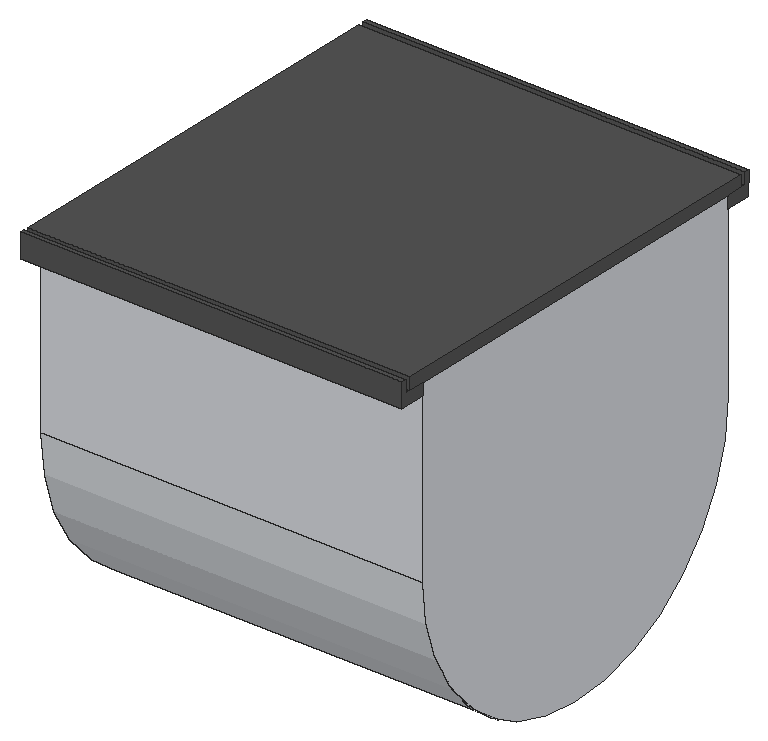
Revit family "Catch-Basin_MultiDrain_EconoDrain-Inline", category Site, host Face, Revit 2026
Family settings
  Host = Face
  Round Connector Dimension = Use Diameter
  Part Type = Normal
  Classification Number = 23.10.10.12
  Cut with Voids When Loaded = No
  Shared = No
Parameters (values of type "Series 24")
  trenchrad = Trench Width / 2  # 0' - 11 31/32"
  squarecontrol [instance] = 0' - 0"  # constant formula
  roundcontrol [instance] = 0' - 0"  # constant formula
  Warranty Duration (Years) = 0
  Uphill Trench Depth = 2' - 0"
  Unit Width = 2' - 7"
  Unit Length = 2' - 0"
  URL = "http://www.multidrainsystems.com/"
  Trench Width = 1' - 11 15/16"
  Test Data = ""
  Square Base [instance] = not(Round Base)  # no
  Specification = "http://www.arcat.com/sdspecs/htm/02600mds.htm"
  SpecWizard = ""
  Send Message = "http://www.arcat.com/users.pl?action=UserEmail&company=MultiDrain+Systems&coid=40880&rep=141&fax=704-508-1011&mf="
  Sales Information = "http://www.multidrainsystems.com/contact-us/"
  Round Base [instance] = yes
  Revision = "R1_12_2013"
  Product Properties = ""
  Product Data = "http://www.arcat.com/arcatcos/cos40/arc40880.html"
  Piping_Water Flow = 0 GPM
  Model = "ECB2624"
  Maximum Run = 0' - 0"
  Manufacturer Website = "http://www.multidrainsystems.com/"
  Manufacturer Phone - Toll Free = "800-433-1119"
  Manufacturer Phone = "704-508-1010"
  Manufacturer Fax = "704-508-1011"
  Manufacturer Address = "P. O. Box 7107   Statesville, NC 28687"
  Manufacturer = "MultiDrain Systems"
  Maintenance Schedule (Months) = 0
  Keynote = "02600"
  Installation-Fabrication = ""
  Installation Phase = ""
  Green Building-LEED = ""
  Grate Type [instance] = Drain-Grates_MultiDrain_EconoDrain : Default S24Grate
  Grate Opening Width = 2' - 2 11/16"
  Frame Finish [instance] = Metal - MultiDrain - Black Paint
  Expected Lifespan (Years) = 0
  Drawn By = "Sumex Design, Inc. / Robert S. Weygant, CSI, CDT, SCIP"
  Downhill Trench Depth = 2' - 0"
  Description = "MultiDrain EconoDrain Inline Catch Basin - ECB2624 as Specified"
  Default Elevation = 0' - 0"
  Copyright = "©Arcat Inc."
  Construction Details = "http://www.arcat.com/details/multidra/multidra.html?coid=40880"
  Building Codes = ""
  Assembly Code = "A1030600"
Types (8): name | trenchrad | Unit Width | Trench Width | Model | Grate Type | Grate Opening Width | Description
  Series 24 | 0' - 11 31/32" | 2' - 7" | 1' - 11 15/16" | "ECB2624" | Drain-Grates_MultiDrain_EconoDrain : Default S24Grate | 2' - 2 11/16" | "MultiDrain EconoDrain Inline Catch Basin - ECB2624 as Specified"
  Series 18 | 0' - 8 31/32" | 2' - 0 1/2" | 1' - 5 15/16" | "ECB1824" | Drain-Grates_MultiDrain_EconoDrain : Default S18Grate | 1' - 8 3/16" | "MultiDrain EconoDrain Inline Catch Basin - ECB1824 as Specified"
  Series 15 | 0' - 7 15/32" | 1' - 9 1/2" | 1' - 2 15/16" | "ECB1524" | Drain-Grates_MultiDrain_EconoDrain : Default S15Grate | 1' - 5 3/16" | "MultiDrain EconoDrain Inline Catch Basin - ECB1524 as Specified"
  Series 12 | 0' - 5 31/32" | 1' - 6 1/2" | 0' - 11 15/16" | "ECB1224" | Drain-Grates_MultiDrain_EconoDrain : Default S12Grate | 1' - 2 3/16" | "MultiDrain EconoDrain Inline Catch Basin - ECB1224 as Specified"
  Series 10 | 0' - 4 31/32" | 1' - 4 1/2" | 0' - 9 15/16" | "ECB1024" | Drain-Grates_MultiDrain_EconoDrain : Default S10Grate | 1' - 0 3/16" | "MultiDrain EconoDrain Inline Catch Basin - ECB1024 as Specified"
  Series 8 | 0' - 3 31/32" | 1' - 2 1/2" | 0' - 7 15/16" | "ECB0824" | Drain-Grates_MultiDrain_EconoDrain : Default S8Grate | 0' - 10 3/16" | "MultiDrain EconoDrain Inline Catch Basin - ECB0824 as Specified"
  Series 6 | 0' - 2 31/32" | 1' - 0 1/2" | 0' - 5 15/16" | "ECB0624" | Drain-Grates_MultiDrain_EconoDrain : Default S6Grate | 0' - 8 3/16" | "MultiDrain EconoDrain Inline Catch Basin - ECB0624 as Specified"
  Series 4 | 0' - 1 31/32" | 0' - 10" | 0' - 3 15/16" | "ECB0424" | Drain-Grates_MultiDrain_EconoDrain : Default S4Grate | 0' - 5 1/2" | "MultiDrain EconoDrain Inline Catch Basin - ECB0424 as Specified"
Reference planes (in)
  plane 1 "Center (Front/Back)": y = 0
  plane 2: z = 0
  plane 3 "Uphill": x = 0
  plane 4: y = -13.34375
  plane 5: y = 13.34375
  plane 6 "Downhill": x = 24
  plane 7: z = -24
  plane 8: z = -24
  plane 9: y = 11.96875
  plane 10: y = -11.96875
  plane 11: z = 0
  plane 12: z = 0
  plane 13: x = 24
  plane 14: x = 0
Forms (in)
  Extrusion 1, solid, material "Metal - MultiDrain - Black Paint" <- "Frame Finish"
    sketch origin (0, 0, 0) x (0, 1, 0) y (0, 0, 1)
      loop
        line (-13.34375, 0) -> (-13.59375, 0) -> (-13.59375, -1.5) -> (-11.96875, -1.5) -> (-11.96875, -0.75) -> (-13.34375, -0.75) -> (-13.34375, 0)
      loop
        line (13.34375, 0) -> (13.34375, -0.75) -> (11.96875, -0.75) -> (11.96875, -1.5) -> (13.59375, -1.5) -> (13.59375, 0) -> (13.34375, 0)
    from 0 to 24
  Blend 2, solid, visible <- "Square Base"
    base sketch origin (0, 0, 0) x (0, 1, 0) y (0, 0, 1)
      loop
        line (-11.96875, -0.75) -> (-11.96875, -24) -> (11.96875, -24) -> (11.96875, -0.75) -> (-11.96875, -0.75)
    top sketch origin (0, 0, 0) x (0, 1, 0) y (0, 0, 1)
      loop
        line (-11.96875, -0.75) -> (-11.96875, -24) -> (11.96875, -24) -> (11.96875, -0.75) -> (-11.96875, -0.75)
    from 0 to 24
  Blend 3, solid, visible <- "Round Base"
    base sketch origin (0, 0, 0) x (0, 1, 0) y (0, 0, 1)
      loop
        line (-11.96875, -0.75) -> (-11.96875, -12.03125)
        spline (-11.96875, -12.03125) -> (-11.56092, -15.12899) -> (-10.36524, -18.01563) -> (-8.46318, -20.49443) -> (-5.98438, -22.39649) -> (-3.09774, -23.59217) -> (0, -24) -> (3.09774, -23.59217) -> (5.98437, -22.39649) -> (8.46318, -20.49443) -> (10.36524, -18.01563) -> (11.56092, -15.12899) -> (11.96875, -12.03125)
        line (11.96875, -12.03125) -> (11.96875, -0.75) -> (-11.96875, -0.75)
    top sketch origin (0, 0, 0) x (0, 1, 0) y (0, 0, 1)
      loop
        line (-11.96875, -0.75) -> (-11.96875, -12.03125)
        spline (-11.96875, -12.03125) -> (-11.56092, -15.12899) -> (-10.36524, -18.01563) -> (-8.46318, -20.49443) -> (-5.98438, -22.39649) -> (-3.09774, -23.59217) -> (0, -24) -> (3.09774, -23.59217) -> (5.98437, -22.39649) -> (8.46318, -20.49443) -> (10.36524, -18.01563) -> (11.56092, -15.12899) -> (11.96875, -12.03125)
        line (11.96875, -12.03125) -> (11.96875, -0.75) -> (-11.96875, -0.75)
    from 0 to 24
  Extrusion 4, void
    sketch origin (0, 0, 0) x (1, 0, 0) y (0, 1, 0)
      loop
        line (0, 13.59375) -> (0, -13.59375) -> (24, -13.59375) -> (24, 13.59375) -> (0, 13.59375)
    from 0 to -1.5
Lines and regions (in)
  model lines, style "InvisibleLines"
    curve 1: line (0, 0, 0) -> (0, 0, 12)
Dimensions and locks (in)
  "Unit Length": plane 3 "Uphill" to plane 6 "Downhill"
  equal spacing: plane 5, plane 1 "Center (Front/Back)", plane 4
  "Grate Opening Width": plane 5 to plane 4
  "Uphill Trench Depth": level to plane 7
  "Downhill Trench Depth": level to plane 8
  plane 2 to Extrusion 1 sketch curve to Extrusion 1 sketch curve = 0' - 0 3/4" locked, 0' - 0 3/4" locked  (x2)
  equal spacing: plane 9, plane 1 "Center (Front/Back)", plane 10
  "Trench Width": plane 9 to plane 10
  locked: plane 2 to plane 11
  locked: level to plane 12
  locked: level to Blend 2 sketch curve at 0.75  (x2)
  "squarecontrol": Blend 2 sketch curve to plane 7
  "squarecontrol": Blend 2 sketch curve to plane 8
  "trenchrad": Blend 3 sketch curve to Blend 3 sketch curve  (x2)
  "roundcontrol": Blend 3 sketch curve to plane 7
  locked: level to Blend 3 sketch curve at 0.75  (x2)
  "roundcontrol": Blend 3 sketch curve to plane 8
  locked: Extrusion 4 sketch curve to plane 5 at 0.25
  locked: plane 4 to Extrusion 4 sketch curve at 0.25
  locked: plane 14 to plane 3 "Uphill"
  locked: plane 6 "Downhill" to plane 13
  locked: Extrusion 1 sketch curve to plane 4 at 0.25
  locked: plane 5 to Extrusion 1 sketch curve at 0.25
  aligned and locked: host face to plane 2
  aligned and locked: level to host face
  aligned and locked: Extrusion 1 sketch curve to plane 4
  aligned and locked: Extrusion 1 sketch curve to plane 5
  aligned and locked: plane 2 to Extrusion 1 sketch curve
  aligned and locked: Extrusion 1 sketch curve to plane 2
  aligned: plane 6 "Downhill" to Extrusion 1
  aligned: Extrusion 1 to plane 3 "Uphill"
  aligned and locked: Blend 2 sketch curve to plane 10  (x2)
  aligned and locked: Blend 2 sketch curve to plane 9  (x2)
  aligned and locked: plane 6 "Downhill" to Blend 2
  aligned and locked: Blend 2 to plane 3 "Uphill"
  aligned and locked: Blend 3 sketch curve to plane 10  (x2)
  aligned and locked: Blend 3 sketch curve to plane 9  (x2)
  aligned and locked: Extrusion 1 to plane 13
  aligned and locked: Extrusion 1 to plane 14
  aligned and locked: plane 6 "Downhill" to Blend 3
  aligned and locked: Blend 3 to plane 3 "Uphill"
  aligned: nested 1 to plane 3 "Uphill"
  aligned and locked: plane 1 "Center (Front/Back)" to nested 1
  aligned and locked: plane 3 "Uphill" to nested 1
  aligned and locked: plane 9 to Extrusion 1 sketch curve
  aligned and locked: plane 10 to Extrusion 1 sketch curve
Automatic sketch dimensions
  host sketch curve to host sketch curve = 14' - 11.49507"
  host sketch curve to host sketch curve = 8' - 0"
  curve 1 to plane 1 "Center (Front/Back)" = 0' - 0"
  curve 1 to level = 0' - 0"
  curve 1 to curve 1 = 1' - 0"
  Extrusion 4 sketch curve to plane 3 "Uphill" = 0' - 0"
  Extrusion 4 sketch curve to plane 6 "Downhill" = 0' - 0"
Nested families (in)
  nested 1: "Drain-Grates_MultiDrain_EconoDrain" at (0, 0, 0), Unit Length <- "Unit Length", type <- "Grate Type", type "Default S24Grate"
    with uphillmitre 0' - 0", downhillmitre 0' - 0", Uphill Miter Angle 0.00°, Unit Length 2' - 0", Downhill Miter Angle 0.00°, Grate Width 2' - 2"
Definition of nested family "Drain-Grates_MultiDrain_EconoDrain"
  Parameters
    uphillmitre [instance] = if(Uphill Miter Angle = 0.00°, 0' 0", 0' 1")  # 0' - 0"
    downhillmitre [instance] = if(Downhill Miter Angle = 0.00°, 0' 0", 0' 1")  # 0' - 0"
    Warranty Duration (Years) = 0
    Uphill Miter Angle [instance] = 0.00°
    Unit Length [instance] = 8' - 0"
    URL = "http://www.multidrainsystems.com/"
    Test Data = ""
    Specification = "http://www.arcat.com/sdspecs/htm/02600mds.htm"
    SpecWizard = ""
    Send Message = "http://www.arcat.com/users.pl?action=UserEmail&company=MultiDrain+Systems&coid=40880&rep=141&fax=704-508-1011&mf="
    Sales Information = "http://www.multidrainsystems.com/contact-us/"
    Revision = "R1_12_2013"
    Product Properties = ""
    Product Data = "http://www.arcat.com/arcatcos/cos40/arc40880.html"
    Open Area = 0
    Model = "As Specified"
    Manufacturer Website = "http://www.multidrainsystems.com/"
    Manufacturer Phone - Toll Free = "800-433-1119"
    Manufacturer Phone = "704-508-1010"
    Manufacturer Fax = "704-508-1011"
    Manufacturer Address = "P. O. Box 7107   Statesville, NC 28687"
    Manufacturer = "MultiDrain Systems"
    Maintenance Schedule (Months) = 0
    Keynote = "02600"
    Installation-Fabrication = ""
    Installation Phase = ""
    Green Building-LEED = ""
    Grate Width = 0' - 5 1/4"
    Frame Finish = none
    Expected Lifespan (Years) = 0
    Drawn By = "Sumex Design, Inc. / Robert S. Weygant, CSI, CDT, SCIP"
    Downhill Miter Angle [instance] = 0.00°
    Description = "MultiDrain Product as Specified"
    Default Elevation = 0' - 0"
    Copyright = "©Arcat Inc."
    Construction Details = "http://www.arcat.com/details/multidra/multidra.html?coid=40880"
    Capacity = "Load Rating as Specified"
    Building Codes = ""
    Assembly Code = "A1030600"
    ADA Compliant = no
  Reference planes (in)
    plane 1 "Center (Front/Back)": y = 0
    plane 2: z = 0
    plane 3 "Uphill": x = 0
    plane 4: y = -2.625
    plane 5: y = 2.625
    plane 6 "Downhill": x = 96
    plane 7: y = 1.96875
    plane 8: y = -1.96875
    plane 9: z = 0
    plane 10: z = 0
  Forms (in)
    Extrusion 1, solid
      sketch origin (0, 0, 0) x (1, 0, 0) y (0, 1, 0)
        loop
          line (-48, 48) -> (-48, -48) -> (131.49507, -48) -> (131.49507, 48) -> (-48, 48)
      from 0 to -12
    Extrusion 2, solid, material <- "Frame Finish"
      sketch origin (0, 0, 0) x (0, 1, 0) y (0, 0, 1)
        loop
          line (-2.625, 0) -> (-2.625, -0.75) -> (2.625, -0.75) -> (2.625, 0) -> (-2.625, 0)
      from 0 to 96
    Extrusion 3, void
      sketch origin (0, 0, 0) x (1, 0, 0) y (0, 1, 0)
        loop
          line (0, 2.875) -> (-3, 2.875) -> (-3, -5.375) -> (0, -5.375) -> (0, 2.875)
      from 1 to 0
    Extrusion 4, void
      sketch origin (0, 0, 0) x (1, 0, 0) y (0, 1, 0)
        loop
          line (96, 2.875) -> (96, -6.52716) -> (99, -6.52716) -> (99, 2.875) -> (96, 2.875)
      from 1 to 0
  Cuts and joins
    Extrusion 3, Extrusion 4 cuts Extrusion 2
  Lines and regions (in)
    reference lines
      curve 1: line (0, 2.625, 0) -> (0, -5.125, 0)
      curve 2: line (96, 2.625, 0) -> (96, -6.625, 0)
    model lines
      curve 3: line (0, 0, 0) -> (0, 0, 12)
  Dimensions and locks (in)
    "Unit Length": plane 3 "Uphill" to plane 6 "Downhill"
    equal spacing: plane 5, plane 1 "Center (Front/Back)", plane 4
    "Grate Width": plane 5 to plane 4
    locked: plane 2 to Extrusion 2 sketch curve at 0.75
    equal spacing: plane 7, plane 1 "Center (Front/Back)", plane 8
    plane 7 to plane 8 = 0' - 3 15/16"
    locked: plane 4 to Extrusion 3 sketch curve at 2.75
    locked: Extrusion 3 sketch curve to plane 3 "Uphill" at 3
    "uphillmitre": plane 2 to plane 9
    locked: plane 6 "Downhill" to Extrusion 4 sketch curve at 3
    locked: plane 4 to Extrusion 4 sketch curve at 3.90216
    "downhillmitre": level to plane 10
    locked: Extrusion 3 sketch curve to plane 5 at 0.25
    locked: Extrusion 4 sketch curve to plane 5 at 0.25
    "Uphill Miter Angle": angle plane 3 "Uphill" to curve 1
    "Downhill Miter Angle": angle curve 2 to plane 6 "Downhill"
    aligned and locked: Extrusion 1 to plane 2
    aligned and locked: level to Extrusion 1
    aligned and locked: Extrusion 2 sketch curve to plane 4
    aligned and locked: plane 2 to Extrusion 2 sketch curve
    aligned: plane 6 "Downhill" to Extrusion 2
    aligned: Extrusion 2 to plane 3 "Uphill"
    aligned and locked: plane 5 to curve 2
    aligned and locked: plane 6 "Downhill" to curve 2
    aligned and locked: plane 3 "Uphill" to curve 1
    aligned and locked: plane 5 to curve 1
    aligned and locked: Extrusion 3 sketch curve to curve 1
    aligned: Extrusion 3 to level
    aligned and locked: Extrusion 3 to plane 9
    aligned and locked: Extrusion 4 sketch curve to curve 2
    aligned and locked: Extrusion 4 to plane 10
    aligned and locked: cut or joined group of Extrusion 2, Extrusion 3, Extrusion 4 to plane 3 "Uphill"
    aligned and locked: plane 6 "Downhill" to cut or joined group of Extrusion 2, Extrusion 3, Extrusion 4
  Automatic sketch dimensions
    Extrusion 1 sketch curve to Extrusion 1 sketch curve = 14' - 11.49507"
    Extrusion 1 sketch curve to Extrusion 1 sketch curve = 8' - 0"
    curve 3 to plane 1 "Center (Front/Back)" = 0' - 0"
    curve 3 to level = 0' - 0"
    curve 3 to curve 3 = 1' - 0"
    Extrusion 2 sketch curve to plane 5 = 0' - 0"
